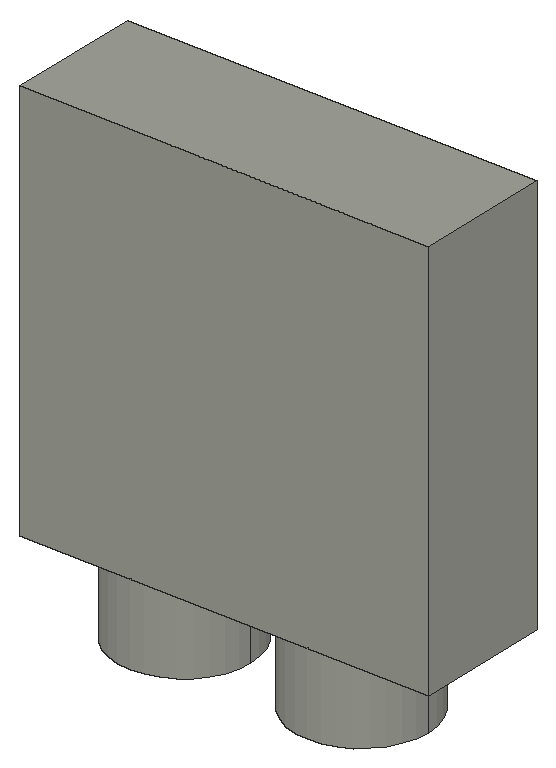
Revit family "Cinta_Con_Retang_Estaca", category Structural Framing, Revit 2025
Family settings
  Display in Hidden Views = Edges Hidden by Other Members
  Structural Framing Length Roundoff = 0 mm
  Section Shape = Not Defined
  Material for Model Behavior = Concrete
  Always export as geometry = No
  OmniClass Number = 23.25.30.11.14.14
  OmniClass Title = Beams
  Always vertical = Yes
  Cut with Voids When Loaded = No
  Symbolic Representation = From Family
  Shared = No
  Show family pre-cut in plan views = Yes
Parameters (values of type "CIN_050x150_BLC_CON_RET_TAC")
  Structural Material [instance] = CT_Concreto
  Profundidade_Estaca [instance] = 304.636 mm
  Material_Estacas = CT_Concreto
  Material_Cintas = CT_Concreto
  Diametro_Estaca = b / 2  # 250 mm
  D2 [instance] = 452.882 mm
  D1 [instance] = 410.509 mm
  Assembly Code = ""
  Length [instance] = 1524 mm
  b = 500 mm
  h = 1500 mm
Reference planes
  plane 1 "Center (Front/Back)": y = 0
  plane 2: z = 0
  plane 3 "Center (Left/Right)": x = 4.61
  plane 4: y = 250
  plane 5: y = -250
  plane 6: z = 750
  plane 7 "Bottom": z = -750
  plane 8 "Left": x = -757.39
  plane 9 "Right": x = 766.61
  plane 10: x = -346.881
  plane 11: x = 313.728
Forms (mm)
  Extrusion 1, solid, material "CT_Concreto" <- "Material_Estacas"
    sketch origin (0, 0, 0) x (1, 0, 0) y (0, 1, 0)
      loop
        circle (-346.881, 0) r 250
    from -1054.636 to -750
  Extrusion 2, solid, material "CT_Concreto" <- "Material_Estacas"
    sketch origin (471.118, 0, 0) x (1, 0, 0) y (0, 1, 0)
      loop
        circle (-157.39, 0) r 250
    from -1054.636 to -750
  Extrusion 3, solid, material "CT_Concreto" <- "Material_Cintas"
    sketch origin (0, 0, 0) x (1, 0, 0) y (0, 1, 0)
      loop
        line (-757.39, 250) -> (-757.39, -250) -> (766.61, -250) -> (766.61, 250) -> (-757.39, 250)
    from -750 to 750
Dimensions and locks
  "b": plane 4 to plane 5
  equal spacing: plane 7 "Bottom", plane 2, plane 6
  equal spacing: plane 4, plane 1 "Center (Front/Back)", plane 5
  "h": plane 7 "Bottom" to plane 6
  "Length": plane 8 "Left" to plane 9 "Right"
  "D1": plane 8 "Left" to plane 10
  "D2": plane 11 to plane 9 "Right"
  "Profundidade_Estaca": plane 7 "Bottom" to Extrusion 2
  "Profundidade_Estaca": plane 7 "Bottom" to Extrusion 1
  "Diametro_Estaca": radius of Extrusion 1 sketch curve
  "Diametro_Estaca": radius of Extrusion 2 sketch curve
  aligned and locked: Extrusion 1 to plane 7 "Bottom"
  aligned and locked: Extrusion 2 to plane 7 "Bottom"
  aligned and locked: plane 4 to Extrusion 3
  aligned and locked: Extrusion 3 to plane 5
  aligned and locked: plane 8 "Left" to Extrusion 3
  aligned and locked: Extrusion 3 to plane 9 "Right"
  aligned and locked: Extrusion 3 to plane 6
  aligned and locked: plane 7 "Bottom" to Extrusion 3
Automatic sketch dimensions
  plane 1 "Center (Front/Back)" to Extrusion 1 sketch curve = 0 mm
  Extrusion 1 sketch curve to plane 10 = 0 mm
  plane 1 "Center (Front/Back)" to Extrusion 2 sketch curve = 0 mm
  Extrusion 2 sketch curve to plane 11 = 0 mm
  Extrusion 3 sketch curve to plane 8 "Left" = 0 mm
  plane 9 "Right" to Extrusion 3 sketch curve = 0 mm
  Extrusion 3 sketch curve to plane 5 = 0 mm
  plane 5 to Extrusion 3 sketch curve = 500 mm
